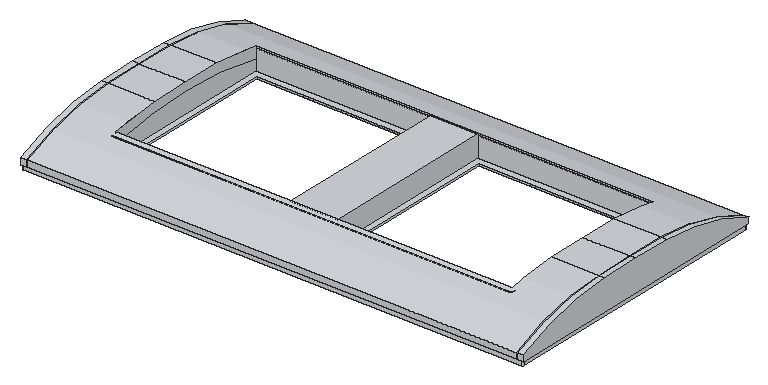
Revit family "Gira_021285", category Electrical Fixtures, host Face, Revit 2017
Family settings
  Host = Face
  Maintain Annotation Orientation = No
  Round Connector Dimension = Use Diameter
  Part Type = Normal
  Cut with Voids When Loaded = No
  Shared = No
  Room Calculation Point = No
Parameters (values of type "Cov.fr. 2-g interm.fr. AN Gira Event Opaque mint")
  With mounting grid = "No"
  With hinged lid = "No"
  URL = "http://katalog.gira.de/en/datenblatt.html?artikelnr=021285"
  Type of fastening = "Clamp mounting"
  Transparent = "No"
  Surface protection = "Other"
  Suitable for wall duct = "No"
  Suitable for flush-mounted installation = "Yes"
  Suitable for floor box = "No"
  Suitable for built-in installation = "No"
  Number of units vertical = "2"
  Number of units horizontal = "2"
  Number of units = "2"
  Name = "Cov.fr. 2-g interm.fr. AN Gira Event Opaque mint"
  Mounting direction = "Horizontal and vertical"
  Material quality = "Thermoplastic"
  Material = "Plastic"
  Manufacturer URL = "https://www.gira.de/"
  Manufacturer = "Gira"
  Label space/information surface = "No"
  Keynote = ""
  HeinzeBIM = "https://bimportal.heinze.de/bim/cov-fr-2-g-interm-fr-an-gira-event-opaque-mint/ade150f924392841b36f003fccfcefedbd4ba790"
  Halogen free = "Yes"
  HAN = "021285"
  GTIN = "4010337212850"
  Description = "Cov.fr.2g i.fr.AN EvOp MI,Gira Event Opaque frames,mint with anthracite intermediate frame,2-gang,Features:,- Shatter-proof."
  Degree of protection (IP) = "IP20"
  Default Elevation = 1219.2 mm
  Data sheet (1) = "https://katalog.gira.de/en/download.html?artikelnr=021285"
  Colour = "Green"
  Category = "Cover frame for domestic switching devices"
  BIM (1) = "https://media.stage.bim.site/public/gira/36a6b08/Event_Rahmen_2fach.rfa"
  Available = "No"
Reference planes
  plane 1 "Center (Front/Back)": y = 0
  plane 2: z = 0
  plane 3 "Center (Left/Right)": x = 0
Forms (mm)
  Extrusion 1, solid, detail levels fine
    sketch origin (0, 0, 0.05) x (0, 1, 0) y (0, 0, 1)
      loop
        arc (12.445, 9.683) -> (6.223, 9.833) -> (0, 9.85) r 291.636
        arc (0, 9.85) -> (-6.223, 9.833) -> (-12.445, 9.683) r 291.636
        arc (-12.445, 9.683) -> (-29.14, 7.482) -> (-45, 1.823) r 79.728
        line (-45, 1.823) -> (-45, -0.05) -> (-42.086, -0.05)
        arc (-42.086, -0.05) -> (-21.385, 5.559) -> (0, 7.206) r 114.424
        arc (0, 7.206) -> (21.385, 5.559) -> (42.086, -0.05) r 114.424
        line (42.086, -0.05) -> (45, -0.05) -> (45, 1.823)
        arc (45, 1.823) -> (29.14, 7.482) -> (12.445, 9.683) r 79.728
    from -78.55 to 78.55
  Extrusion 2, void, detail levels fine
    sketch origin (0, 0, 0) x (1, 0, 0) y (0, 1, 0)
      loop
        line (-63.55, -27.937) -> (63.55, -27.937) -> (63.55, 28.063) -> (-63.55, 28.063) -> (-63.55, -27.937)
    from 0.724 to 11
  Extrusion 3, solid, detail levels coarse
    sketch origin (0, 0, 0) x (1, 0, 0) y (0, 1, 0)
      loop
        line (-80.55, 45) -> (-80.55, -45) -> (80.55, -45) -> (80.55, 45) -> (-80.55, 45)
    from -1.5 to 9.9
  Extrusion 4, solid, detail levels medium
    sketch origin (0, 0, 0.05) x (0, 1, 0) y (0, 0, 1)
      loop
        arc (12.445, 9.683) -> (6.223, 9.833) -> (0, 9.85) r 291.636
        arc (0, 9.85) -> (-6.223, 9.833) -> (-12.445, 9.683) r 291.636
        arc (-12.445, 9.683) -> (-29.14, 7.482) -> (-45, 1.823) r 79.728
        line (-45, 1.823) -> (-45, -0.05) -> (45, -0.05) -> (45, 1.823)
        arc (45, 1.823) -> (29.14, 7.482) -> (12.445, 9.683) r 79.728
    from -80.55 to 80.55
  Extrusion 5, solid, detail levels fine
    sketch origin (-35.55, 0, -1.5) x (0, 1, 0) y (0, 0, -1)
      loop
        line (45, -3.373) -> (45, -1.5) -> (-45, -1.5) -> (-45, -3.373)
        arc (-45, -3.373) -> (-29.14, -9.032) -> (-12.445, -11.233) r 79.728
        arc (-12.445, -11.233) -> (-6.223, -11.383) -> (0, -11.4) r 291.636
        arc (0, -11.4) -> (6.223, -11.383) -> (12.445, -11.233) r 291.636
        arc (12.445, -11.233) -> (29.14, -9.032) -> (45, -3.373) r 79.728
    from 43 to 45
  Extrusion 6, solid, detail levels fine
    sketch origin (0, 0, 0) x (1, 0, 0) y (0, 1, 0)
      loop
        line (-61.45, 25.7) -> (-61.45, -25.7) -> (-9.65, -25.7) -> (-9.65, 25.7) -> (-61.45, 25.7)
      loop
        line (61.45, -25.7) -> (61.45, 25.7) -> (9.65, 25.7) -> (9.65, -25.7) -> (61.45, -25.7)
      loop
        line (-64.445, 28.49) -> (-64.445, -28.495)
        spline (-64.445, -28.495) -> (-64.436, -28.625) -> (-64.411, -28.754) -> (-64.369, -28.878) -> (-64.311, -28.995) -> (-64.238, -29.104) -> (-64.152, -29.202) -> (-64.054, -29.288) -> (-63.945, -29.361) -> (-63.828, -29.419) -> (-63.704, -29.461) -> (-63.575, -29.486) -> (-63.445, -29.495)
        line (-63.445, -29.495) -> (63.445, -29.495)
        spline (63.445, -29.495) -> (63.575, -29.486) -> (63.704, -29.461) -> (63.828, -29.419) -> (63.945, -29.361) -> (64.054, -29.288) -> (64.152, -29.202) -> (64.238, -29.104) -> (64.311, -28.995) -> (64.369, -28.878) -> (64.411, -28.754) -> (64.436, -28.625) -> (64.445, -28.495)
        line (64.445, -28.495) -> (64.445, 28.49)
        spline (64.445, 28.49) -> (64.436, 28.62) -> (64.411, 28.748) -> (64.369, 28.872) -> (64.311, 28.99) -> (64.238, 29.098) -> (64.152, 29.197) -> (64.054, 29.283) -> (63.945, 29.356) -> (63.828, 29.413) -> (63.704, 29.456) -> (63.575, 29.481) -> (63.445, 29.49)
        line (63.445, 29.49) -> (-63.445, 29.49)
        spline (-63.445, 29.49) -> (-63.575, 29.481) -> (-63.704, 29.456) -> (-63.828, 29.413) -> (-63.945, 29.356) -> (-64.054, 29.283) -> (-64.152, 29.197) -> (-64.238, 29.098) -> (-64.311, 28.99) -> (-64.369, 28.872) -> (-64.411, 28.748) -> (-64.436, 28.62) -> (-64.445, 28.49)
    from 0.1 to 7.3
  Extrusion 7, solid
    sketch origin (0, 0, 0) x (1, 0, 0) y (0, 1, 0)
      loop
        arc (-80.25, -44.2) -> (-80.104, -44.554) -> (-79.75, -44.7) r 0.5
        line (-79.75, -44.7) -> (79.75, -44.7)
        arc (79.75, -44.7) -> (80.104, -44.554) -> (80.25, -44.2) r 0.5
        line (80.25, -44.2) -> (80.25, 44.2)
        arc (80.25, 44.2) -> (80.104, 44.554) -> (79.75, 44.7) r 0.5
        line (79.75, 44.7) -> (-79.75, 44.7)
        arc (-79.75, 44.7) -> (-80.104, 44.554) -> (-80.25, 44.2) r 0.5
        line (-80.25, 44.2) -> (-80.25, -44.2)
      loop
        line (-78.55, 43) -> (-78.55, -43) -> (78.55, -43) -> (78.55, 43) -> (-78.55, 43)
    from -1.5 to 0.5
  Extrusion 8, solid, detail levels fine
    sketch origin (35.55, 0, -1.5) x (0, 1, 0) y (0, 0, 1)
      loop
        arc (45, 3.373) -> (29.14, 9.032) -> (12.445, 11.233) r 79.728
        arc (12.445, 11.233) -> (6.223, 11.383) -> (0, 11.4) r 291.636
        arc (0, 11.4) -> (-6.223, 11.383) -> (-12.445, 11.233) r 291.636
        arc (-12.445, 11.233) -> (-29.14, 9.032) -> (-45, 3.373) r 79.728
        line (-45, 3.373) -> (-45, 1.5) -> (45, 1.5) -> (45, 3.373)
    from 43 to 45
  Extrusion 9, solid, detail levels medium
    sketch origin (0, 0, 0) x (1, 0, 0) y (0, 1, 0)
      loop
        line (-80.25, -44.7) -> (80.25, -44.7) -> (80.25, 44.7) -> (-80.25, 44.7) -> (-80.25, -44.7)
    from -1.5 to 0.5
  Extrusion 10, solid, detail levels fine
    sketch origin (0, 0, 0) x (1, 0, 0) y (0, 1, 0)
      loop
        line (-7.55, 28.063) -> (-7.55, -27.937) -> (7.55, -27.937) -> (7.55, 28.063) -> (-7.55, 28.063)
    from 0.724 to 7.566
Cuts and joins
  Extrusion 2 cuts Extrusion 1
  Extrusion 2 cuts Extrusion 6
Dimensions and locks
  aligned and locked: plane 2 to host face
  aligned and locked: level to host face
